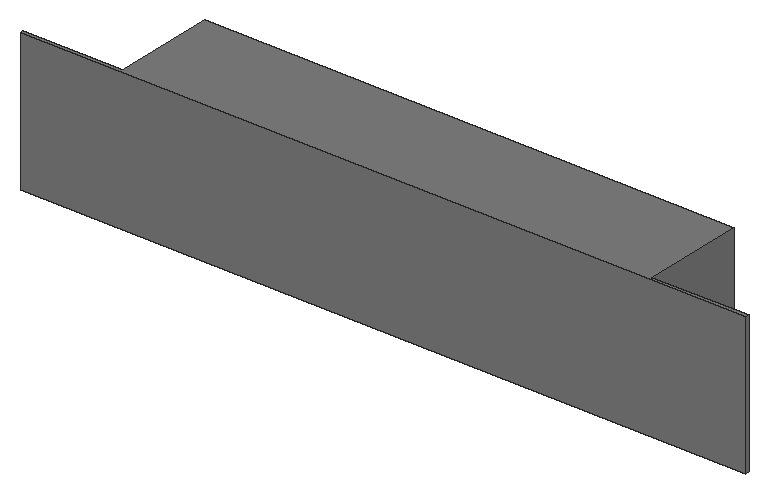
Revit family "700V", category Generic Models, Revit 2021
Family settings
  Can host rebar = No
  Round Connector Dimension = Use Diameter
  Part Type = Normal
  Work Plane-Based = No
  Always vertical = Yes
  Cut with Voids When Loaded = No
  Shared = No
  Room Calculation Point = No
Parameters
  e-mail = "info@vola.com"
  URL = "http://vola.com"
  Telephone = "+45 7023 5500"
  Quality management standard = "ISO 9001"
  Organisation no. / DUNS no. = "17531328"
  Occupational health and safety management standard = "ISO 18001"
  Mounting Instructions = "http://vola.com/service/producturl.ashx?name=700V"
  Model = "700V"
  Materials and components information = "http://vola.com/service/producturl.ashx?name=700V"
  Manufacturer = "VOLA A/S"
  Maintenance Instructions = "http://vola.com/service/producturl.ashx?name=700V"
  Guarantee = "2 years"
  Flow = "65,00 l/min"
  Environmental management standard = "ISO 14000"
  Default Elevation = 0.00 mm
  Connection - All relevant connections = ""
  Approvals = "http://vola.com/service/producturl.ashx?name=700V"
Reference planes
  plane 1 "Center (Front/Back)": y = 0
  plane 2: z = 0
  plane 3 "Center (Left/Right)": x = 0
  plane 4 "Inlet Center Plane": y = -23.5
  plane 5: z = 55
Forms (mm)
  Extrusion 1, solid, material "Default"
    sketch origin (0, 0, -14) x (1, 0, 0) y (0, 1, 0)
      loop
        line (-137.5, 0) -> (-137.5, -69) -> (220.5, -69) -> (220.5, 0) -> (-137.5, 0)
    from 21.5 to 116.5
  Extrusion 2, solid, material "Stainless Steel"
    sketch origin (51, 1.5, 7.5) x (0, 1, 0) y (1, 0, 0)
      loop
        circle (-25, -12) r 14
    from 0 to 7.5
  Extrusion 3, solid, material "Default"
    sketch origin (0, -1, -14) x (1, 0, 0) y (0, 1, 0)
      loop
        line (-205, -68) -> (-205, -70.5) -> (285.5, -70.5) -> (285.5, -68) -> (-205, -68)
    from 21.5 to 116.5
  Extrusion 4, solid, material "Stainless Steel"
    sketch origin (-27, 1.5, 7.5) x (0, 1, 0) y (1, 0, 0)
      loop
        circle (-25, -12) r 14
    from 0 to 7.5
Cuts and joins
  joined: Extrusion 1, Extrusion 3
Lines and regions (mm)
  reference lines
    curve 1: line (-39, -23.5, 55) -> (-39, -108.5, 55)
    curve 2: line (39, -23.5, 55) -> (39, -108.5, 55)
    curve 3: line (39, -23.5, 55) -> (39, -23.5, -44)
    curve 4: line (-39, -23.5, 55) -> (-39, -23.5, -44)
Dimensions and locks
  aligned and locked: plane 2 to level
  aligned and locked: plane 5 to curve 3
  aligned and locked: Extrusion 1 to Extrusion 3
  aligned and locked: Extrusion 3 to Extrusion 1
  aligned and locked: plane 5 to curve 4
